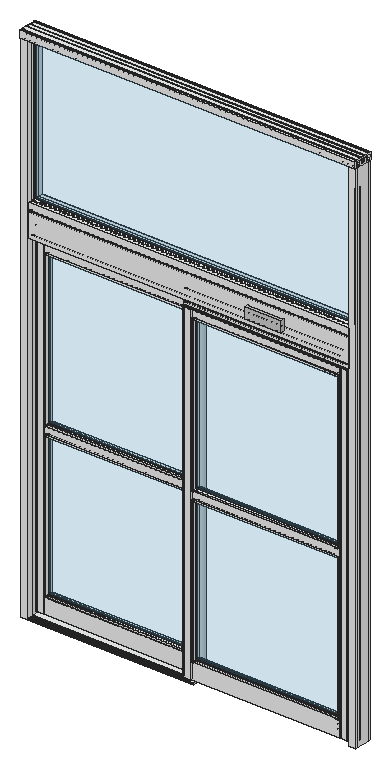
Revit family "2-6-5_Sliding-Door_TX9300SL_Single-RH-Inside-Slide-w-transom-SX-SO_Tormax", category Doors, host Wall, Revit 2026 (continued)
Definition of nested family "Door-Sliding-Tormax-Panel-SO"
  Automatic sketch dimensions
    Sweep 7 sketch curve to Sweep 7 sketch curve = 0' - 0.04991"  (x2)
    Sweep 7 sketch curve to Sweep 7 sketch curve = 0' - 0.01286"  (x2)
    Sweep 7 sketch curve to Sweep 7 sketch curve = 0' - 0.06296"  (x2)
    Sweep 7 sketch curve to Sweep 7 sketch curve = 0' - 0.09922"  (x2)
    Sweep 7 sketch curve to Sweep 7 sketch curve = 0' - 0.08367"  (x2)
    Extrusion 8 sketch curve to plane 7 = 0' - 0"
    plane 6 to Extrusion 8 sketch curve = 0' - 0"
    plane 12 to Extrusion 8 sketch curve = 0' - 0.29207"
    plane 13 to Extrusion 8 sketch curve = 0' - 0.29207"
    Sweep 3 sketch curve to Sweep 3 sketch curve = 0' - 0.09725"
    Sweep 3 sketch curve to Sweep 3 sketch curve = 0' - 0.09783"  (x2)
    Sweep 3 sketch curve to Sweep 3 sketch curve = 0' - 0.05875"
    Sweep 3 sketch curve to Sweep 3 sketch curve = 0' - 0 1/8"
    Sweep 3 sketch curve to Sweep 3 sketch curve = 0' - 0.05648"
    Sweep 3 sketch curve to Sweep 3 sketch curve = 0' - 0"  (x5)
    Sweep 3 sketch curve to Sweep 3 sketch curve = 0' - 0.05615"
    Sweep 3 sketch curve to Sweep 3 sketch curve = 0' - 0.14517"  (x2)
    Sweep 3 sketch curve to Sweep 3 sketch curve = 0' - 0.11943"  (x2)
    curve 1 to plane 9 "Exterior" = 0' - 0"
    Sweep 2 sketch curve to plane 1 "Center (Front/Back)" = 0' - 0.77099"  (x2)
    Sweep 2 sketch curve to Sweep 2 sketch curve = 0' - 0.1095"  (x4)
    plane 1 "Center (Front/Back)" to Sweep 2 sketch curve = 0' - 0.77099"  (x2)
    Sweep 2 sketch curve to Sweep 2 sketch curve = 0' - 0.0465"  (x3)
    Sweep 2 sketch curve to Sweep 2 sketch curve = 0' - 0.15"
    Sweep 2 sketch curve to Sweep 2 sketch curve = 0' - 0.213"  (x2)
    Sweep 2 sketch curve to Sweep 2 sketch curve = 0' - 0.25131"  (x2)
    Sweep 2 sketch curve to Sweep 2 sketch curve = 0' - 0.44928"  (x2)
    Sweep 2 sketch curve to Sweep 2 sketch curve = 0' - 0.24941"
    Sweep 2 sketch curve to Sweep 2 sketch curve = 0' - 0 1/8"  (x4)
    plane 1 "Center (Front/Back)" to Sweep 2 sketch curve = 0' - 0.70777"
    plane 1 "Center (Front/Back)" to Sweep 2 sketch curve = 0' - 0.8749"
    Sweep 2 sketch curve to Sweep 2 sketch curve = 0' - 0.10643"  (x4)
    plane 1 "Center (Front/Back)" to Sweep 2 sketch curve = 0' - 0.77066"  (x2)
    Sweep 2 sketch curve to Sweep 2 sketch curve = 0' - 0.04951"
    Sweep 2 sketch curve to Sweep 2 sketch curve = 0' - 0.12461"
    Sweep 2 sketch curve to Sweep 2 sketch curve = 0' - 0.24666"  (x2)
    Sweep 2 sketch curve to Sweep 2 sketch curve = 0' - 0.45154"  (x2)
    Sweep 2 sketch curve to Sweep 2 sketch curve = 0' - 0.25159"  (x2)
    Sweep 2 sketch curve to Sweep 2 sketch curve = 0' - 0.13262"  (x2)
    Sweep 2 sketch curve to Sweep 2 sketch curve = 0' - 0.25063"  (x3)
    Sweep 2 sketch curve to Sweep 2 sketch curve = 0' - 0.44876"  (x2)
    Sweep 2 sketch curve to Sweep 2 sketch curve = 0' - 0.46757"
    Sweep 2 sketch curve to Sweep 2 sketch curve = 0' - 0.28811"
    Sweep 2 sketch curve to Sweep 2 sketch curve = 0' - 0.03633"
    Sweep 2 sketch curve to plane 1 "Center (Front/Back)" = 0' - 0.77066"
    Sweep 2 sketch curve to Sweep 2 sketch curve = 0' - 0.04797"
    Sweep 2 sketch curve to Sweep 2 sketch curve = 0' - 0.12615"
    Sweep 2 sketch curve to Sweep 2 sketch curve = 0' - 0.31245"  (x2)
    Sweep 2 sketch curve to Sweep 2 sketch curve = 0' - 0.325"  (x2)
    Sweep 2 sketch curve to Sweep 2 sketch curve = 0' - 0.31234"
    Sweep 2 sketch curve to Sweep 2 sketch curve = 0' - 0.31233"
    Sweep 2 sketch curve to plane 1 "Center (Front/Back)" = 0' - 0.8749"  (x2)
    Sweep 2 sketch curve to Sweep 2 sketch curve = 0' - 0.10401"  (x2)
    Sweep 2 sketch curve to Sweep 2 sketch curve = 0' - 0.10425"  (x2)
    Sweep 2 sketch curve to plane 1 "Center (Front/Back)" = 0' - 0.76481"
    Sweep 2 sketch curve to Sweep 2 sketch curve = 0' - 0.01099"
    Sweep 2 sketch curve to Sweep 2 sketch curve = 0' - 0"  (x2)
    Sweep 2 sketch curve to plane 1 "Center (Front/Back)" = 0' - 0.75305"
    Sweep 2 sketch curve to Sweep 2 sketch curve = 0' - 0.00306"
    Sweep 2 sketch curve to Sweep 2 sketch curve = 0' - 0.015"
    Sweep 2 sketch curve to Sweep 2 sketch curve = 0' - 0.031"  (x6)
    Sweep 2 sketch curve to Sweep 2 sketch curve = 0' - 0.05166"  (x2)
    Sweep 2 sketch curve to Sweep 2 sketch curve = 0' - 0.03386"  (x2)
    Sweep 2 sketch curve to Sweep 2 sketch curve = 0' - 0.05146"  (x2)
    Sweep 2 sketch curve to Sweep 2 sketch curve = 0' - 0.00039"
    Sweep 2 sketch curve to Sweep 2 sketch curve = 0' - 0.06145"  (x4)
    Sweep 2 sketch curve to Sweep 2 sketch curve = 0' - 0.06322"  (x3)
    Sweep 2 sketch curve to Sweep 2 sketch curve = 0' - 0.239"
    Sweep 2 sketch curve to Sweep 2 sketch curve = 0' - 0.21"  (x2)
    Sweep 2 sketch curve to Sweep 2 sketch curve = 0' - 0.344"  (x2)
    Sweep 2 sketch curve to Sweep 2 sketch curve = 0' - 0.1"
    plane 1 "Center (Front/Back)" to Sweep 2 sketch curve = 0' - 0 3/8"
    Sweep 2 sketch curve to Sweep 2 sketch curve = 0' - 0.25199"
    plane 1 "Center (Front/Back)" to Sweep 2 sketch curve = 0' - 0.5938"
    Sweep 2 sketch curve to Sweep 2 sketch curve = 0' - 0 3/8"
    Sweep 2 sketch curve to Sweep 2 sketch curve = 0' - 0.12539"
    Sweep 2 sketch curve to Sweep 2 sketch curve = 0' - 0.04199"
    Sweep 2 sketch curve to Sweep 2 sketch curve = 0' - 0.03119"
    Sweep 2 sketch curve to Sweep 2 sketch curve = 0' - 0.03141"
    Sweep 6 sketch curve to plane 1 "Center (Front/Back)" = 0' - 0.13997"  (x2)
    Sweep 6 sketch curve to plane 20 = 0' - 0.512"
    Sweep 6 sketch curve to Sweep 6 sketch curve = 0' - 0"  (x13)
    Sweep 6 sketch curve to Sweep 6 sketch curve = 0' - 0.01301"  (x4)
    Sweep 6 sketch curve to Sweep 6 sketch curve = 0' - 0.04548"
    Sweep 6 sketch curve to Sweep 6 sketch curve = 0' - 0.06431"  (x4)
    Sweep 6 sketch curve to Sweep 6 sketch curve = 0' - 0.05436"
    Sweep 6 sketch curve to Sweep 6 sketch curve = 0' - 0.05"  (x20)
    Sweep 6 sketch curve to Sweep 6 sketch curve = 0' - 0.13079"  (x4)
    Sweep 6 sketch curve to Sweep 6 sketch curve = 0' - 0.1438"  (x4)
    Sweep 6 sketch curve to Sweep 6 sketch curve = 0' - 0.03378"
    Sweep 6 sketch curve to Sweep 6 sketch curve = 0' - 0.05017"  (x4)
    Sweep 6 sketch curve to Sweep 6 sketch curve = 0' - 0.09251"
    Sweep 6 sketch curve to Sweep 6 sketch curve = 0' - 0.06616"  (x4)
    Sweep 6 sketch curve to Sweep 6 sketch curve = 0' - 0.08665"  (x4)
    Sweep 6 sketch curve to Sweep 6 sketch curve = 0' - 0.04414"  (x2)
    Sweep 6 sketch curve to Sweep 6 sketch curve = 0' - 0.0682"  (x4)
    Sweep 6 sketch curve to Sweep 6 sketch curve = 0' - 0.06234"  (x3)
    Sweep 6 sketch curve to Sweep 6 sketch curve = 0' - 0.09942"  (x8)
    Sweep 6 sketch curve to plane 20 = 0' - 0.04966"  (x2)
    plane 20 to Sweep 6 sketch curve = 0' - 0.00209"  (x2)
    Sweep 6 sketch curve to Sweep 6 sketch curve = 0' - 0.03487"  (x7)
    plane 20 to Sweep 6 sketch curve = 0' - 0.03487"
    plane 20 to Sweep 6 sketch curve = 0' - 0.074"  (x2)
    Sweep 6 sketch curve to Sweep 6 sketch curve = 0' - 0.02199"  (x10)
    Sweep 6 sketch curve to plane 1 "Center (Front/Back)" = 0' - 0.09459"  (x4)
    profile plane to Sweep 6 sketch curve = 0' - 1.47079"
    plane 1 "Center (Front/Back)" to Sweep 6 sketch curve = 0' - 0.09459"  (x3)
    Sweep 6 sketch curve to plane 1 "Center (Front/Back)" = 0' - 0.07259"  (x3)
    plane 1 "Center (Front/Back)" to Sweep 6 sketch curve = 0' - 0.07259"  (x4)
    Sweep 6 sketch curve to Sweep 6 sketch curve = 0' - 0.06113"  (x4)
    Sweep 6 sketch curve to Sweep 6 sketch curve = 0' - 0.0719"  (x6)
    Sweep 6 sketch curve to Sweep 6 sketch curve = 0' - 0.04966"  (x6)
    Sweep 6 sketch curve to Sweep 6 sketch curve = 0' - 0.20772"  (x4)
    Sweep 6 sketch curve to Sweep 6 sketch curve = 0' - 0.00586"  (x3)
    Sweep 6 sketch curve to Sweep 6 sketch curve = 0' - 0.03026"  (x2)
    Sweep 6 sketch curve to Sweep 6 sketch curve = 0' - 0.14248"  (x2)
    Sweep 6 sketch curve to Sweep 6 sketch curve = 0' - 0.10006"  (x2)
    Sweep 6 sketch curve to Sweep 6 sketch curve = 0' - 0.04373"  (x3)
    Sweep 6 sketch curve to Sweep 6 sketch curve = 0' - 0.05599"  (x2)
    Sweep 6 sketch curve to profile plane = 0' - 0.719"
    Sweep 6 sketch curve to Sweep 6 sketch curve = 0' - 0.00628"
    Sweep 6 sketch curve to Sweep 6 sketch curve = 0' - 0.09169"
    Sweep 6 sketch curve to Sweep 6 sketch curve = 0' - 0.0339"
    Sweep 6 sketch curve to Sweep 6 sketch curve = 0' - 0.12404"  (x4)
    Sweep 6 sketch curve to Sweep 6 sketch curve = 0' - 0.11234"
    Sweep 6 sketch curve to Sweep 6 sketch curve = 0' - 0.35009"
    Sweep 6 sketch curve to Sweep 6 sketch curve = 0' - 0.15807"
    Sweep 6 sketch curve to Sweep 6 sketch curve = 0' - 0.00209"  (x2)
    Sweep 6 sketch curve to plane 1 "Center (Front/Back)" = 0' - 0.20955"  (x3)
    Sweep 6 sketch curve to Sweep 6 sketch curve = 3' - 1.80842"
    plane 1 "Center (Front/Back)" to Sweep 6 sketch curve = 0' - 0.58206"
    plane 1 "Center (Front/Back)" to Sweep 6 sketch curve = 0' - 0.49166"
    Sweep 6 sketch curve to Sweep 6 sketch curve = 0' - 0.13361"
    Sweep 6 sketch curve to Sweep 6 sketch curve = 0' - 0.11496"
    Sweep 6 sketch curve to plane 1 "Center (Front/Back)" = 0' - 0.25955"  (x2)
    Sweep 6 sketch curve to Sweep 6 sketch curve = 0' - 0.11958"  (x2)
    Sweep 6 sketch curve to Sweep 6 sketch curve = 0' - 0.14365"  (x4)
    Sweep 6 sketch curve to Sweep 6 sketch curve = 0' - 0.25378"  (x4)
    Sweep 6 sketch curve to Sweep 6 sketch curve = 0' - 0.11812"  (x2)
    Sweep 6 sketch curve to Sweep 6 sketch curve = 0' - 0.4219"  (x2)
    Sweep 6 sketch curve to Sweep 6 sketch curve = 0' - 0.04971"  (x8)
    Sweep 6 sketch curve to Sweep 6 sketch curve = 0' - 0.05012"  (x7)
    Sweep 6 sketch curve to Sweep 6 sketch curve = 0' - 0.06945"  (x2)
    Sweep 6 sketch curve to Sweep 6 sketch curve = 0' - 0.06958"  (x2)
    Sweep 6 sketch curve to Sweep 6 sketch curve = 0' - 0.08472"  (x11)
    plane 1 "Center (Front/Back)" to Sweep 6 sketch curve = 0' - 0.12483"  (x4)
    plane 1 "Center (Front/Back)" to Sweep 6 sketch curve = 0' - 0.13997"  (x4)
    Sweep 6 sketch curve to Sweep 6 sketch curve = 0' - 0.02777"  (x2)
    Sweep 6 sketch curve to Sweep 6 sketch curve = 0' - 0.04722"  (x2)
    Sweep 6 sketch curve to Sweep 6 sketch curve = 0' - 0.04144"  (x4)
    Sweep 6 sketch curve to Sweep 6 sketch curve = 0' - 0.19365"  (x2)
    Sweep 6 sketch curve to Sweep 6 sketch curve = 0' - 0.07336"  (x2)
    Sweep 6 sketch curve to Sweep 6 sketch curve = 0' - 0.08651"
    Sweep 6 sketch curve to Sweep 6 sketch curve = 0' - 0.08847"  (x2)
    Sweep 6 sketch curve to Sweep 6 sketch curve = 0' - 0.09235"
    Sweep 6 sketch curve to Sweep 6 sketch curve = 0' - 0.0904"  (x2)
    Sweep 6 sketch curve to Sweep 6 sketch curve = 0' - 0.12599"
    Sweep 6 sketch curve to Sweep 6 sketch curve = 0' - 0.04991"  (x4)
    Sweep 6 sketch curve to Sweep 6 sketch curve = 0' - 0.01286"  (x3)
    Sweep 6 sketch curve to Sweep 6 sketch curve = 0' - 0.01318"
    Sweep 6 sketch curve to Sweep 6 sketch curve = 0' - 0.06296"  (x3)
    Sweep 6 sketch curve to Sweep 6 sketch curve = 0' - 0.06264"
    Sweep 6 sketch curve to Sweep 6 sketch curve = 0' - 0.09922"  (x4)
    Sweep 6 sketch curve to Sweep 6 sketch curve = 0' - 0.08367"  (x4)
    Sweep 2 sketch curve to plane 1 "Center (Front/Back)" = 0' - 0 3/4"
    Sweep 2 sketch curve to Sweep 2 sketch curve = 0' - 0.57201"
    Sweep 1 sketch curve to Sweep 1 sketch curve = 0' - 0"  (x9)
    plane 1 "Center (Front/Back)" to Sweep 1 sketch curve = 0' - 0"
    Sweep 1 sketch curve to Sweep 1 sketch curve = 0' - 0.83845"
    Sweep 1 sketch curve to plane 1 "Center (Front/Back)" = 0' - 0.70835"
    Sweep 1 sketch curve to Sweep 1 sketch curve = 0' - 0.09725"
    Sweep 1 sketch curve to Sweep 1 sketch curve = 0' - 0.09783"
    Sweep 1 sketch curve to Sweep 1 sketch curve = 0' - 0.05875"
    Sweep 1 sketch curve to Sweep 1 sketch curve = 0' - 0 1/8"
    profile plane to Sweep 1 sketch curve = 0' - 0.33616"
    profile plane to Sweep 1 sketch curve = 0' - 0.33606"
    Sweep 1 sketch curve to Sweep 1 sketch curve = 0' - 0.05805"
    Sweep 1 sketch curve to Sweep 1 sketch curve = 0' - 0.05815"
    profile plane to Sweep 1 sketch curve = 0' - 0.25342"  (x2)
    Sweep 1 sketch curve to Sweep 1 sketch curve = 0' - 0.00312"
    Sweep 1 sketch curve to Sweep 1 sketch curve = 0' - 0.07719"  (x2)
    Sweep 1 sketch curve to Sweep 1 sketch curve = 0' - 0.06839"  (x2)
    Sweep 1 sketch curve to Sweep 1 sketch curve = 0' - 0.01995"  (x2)
    Sweep 1 sketch curve to Sweep 1 sketch curve = 0' - 0.03503"  (x2)
    Sweep 1 sketch curve to Sweep 1 sketch curve = 0' - 0.05764"  (x2)
    Sweep 1 sketch curve to Sweep 1 sketch curve = 0' - 0.05533"  (x2)
    Sweep 1 sketch curve to Sweep 1 sketch curve = 0' - 0.07528"  (x2)
    Sweep 1 sketch curve to Sweep 1 sketch curve = 0' - 0.07175"  (x2)
    profile plane to Sweep 1 sketch curve = 0' - 0.05562"  (x2)
    Sweep 1 sketch curve to Sweep 1 sketch curve = 0' - 0.05648"  (x2)
    Sweep 1 sketch curve to Sweep 1 sketch curve = 0' - 0.01193"
    Sweep 1 sketch curve to Sweep 1 sketch curve = 0' - 0.02003"  (x2)
    Sweep 1 sketch curve to Sweep 1 sketch curve = 0' - 0.07597"
    Sweep 1 sketch curve to Sweep 1 sketch curve = 0' - 0.01512"
    Sweep 1 sketch curve to plane 1 "Center (Front/Back)" = 0' - 0.18239"
    plane 1 "Center (Front/Back)" to Sweep 1 sketch curve = 0' - 0.18239"
    Sweep 1 sketch curve to Sweep 1 sketch curve = 0' - 0.19693"
    Sweep 1 sketch curve to Sweep 1 sketch curve = 0' - 0.07617"
    Sweep 1 sketch curve to Sweep 1 sketch curve = 0' - 0.01817"
    Sweep 1 sketch curve to Sweep 1 sketch curve = 0' - 0.05615"
    plane 1 "Center (Front/Back)" to Sweep 3 sketch curve = 0' - 0"
    Sweep 3 sketch curve to Sweep 3 sketch curve = 0' - 0.00033"
    Sweep 3 sketch curve to profile plane = 0' - 0.14318"
    Sweep 3 sketch curve to profile plane = 0' - 0.13087"
    Sweep 3 sketch curve to Sweep 3 sketch curve = 0' - 0.0869"
    Sweep 3 sketch curve to Sweep 3 sketch curve = 0' - 0.08681"
    plane 1 "Center (Front/Back)" to Sweep 3 sketch curve = 0' - 0.18239"
Definition of nested family "Door-Sliding-Tormax-Panel-SX_2.6"
  Parameters (values of type "Door-Sliding-Tormax-Panel-SX")
    Width = 3' - 5 7/16"
    Thickness = 0' - 1.82"  # constant formula
    Height = 7' - 1"
    Handle Material = none
    Glass = none
    Frame Material = none
    Door Swing = Width - 0' 1.047"  # 3' - 4.3905"
    Define Thermal Properties by = 1
    Default Elevation = 0' - 0"
    Analytic Construction = "<None>"
  Reference planes (in)
    plane 1 "Center (Front/Back)": y = 0
    plane 2: z = 0
    plane 3 "Center (Left/Right)": x = 0
    plane 4: z = 85
    plane 5: z = 42
    plane 6: y = 0.12483
    plane 7: y = -0.12517
    plane 8 "EXTERIOR": y = -0.91
    plane 9 "INTERIOR": y = 0.91
    plane 10: x = -20.71875
    plane 11: x = 20.71875
    plane 12: x = -18.59375
    plane 13: x = 18.59375
    plane 14: z = 42.875
    plane 15: z = 41.125
    plane 16: z = 81.8749
    plane 17: z = 4.5
    plane 18: z = 0.5
    plane 19: x = -19.67175
    plane 20: z = 83.6249
  Forms (in)
    Sweep 1, solid, material <- "Frame Material"
      path origin (0, 0, 0) x (1, 0, 0) y (0, 0, 1)
        loop
          line (-20.71875, 0.5) -> (-20.71875, 83.6249)
      profile origin (-20.71875, 0, 42.06245) x (-1, 0, 0) y (0, -1, 0)
        loop
          line (-0.25, -0.18701) -> (-0.25, 0.18701) -> (-0.13107, 0.18701)
          arc (-0.13107, 0.18701) -> (-0.16494, 0.47848) -> (-0.22824, 0.765) r 2.88588
          line (-0.22824, 0.765) -> (-1.844, 0.765) -> (-1.844, -0.765) -> (-0.22824, -0.765)
          arc (-0.22824, -0.765) -> (-0.16494, -0.47848) -> (-0.13107, -0.18701) r 2.88588
          line (-0.13107, -0.18701) -> (-0.25, -0.18701)
        loop
          arc (-0.14081, -0.91) -> (0, 0) -> (-0.14081, 0.91) r 3.01088
          line (-0.14081, 0.91) -> (-2.125, 0.91) -> (-2.125, 0.70839) -> (-2.00861, 0.77559) -> (-1.969, 0.77559) -> (-1.969, -0.77559) -> (-2.00861, -0.77559) -> (-2.125, -0.70839) -> (-2.125, -0.91) -> (-0.14081, -0.91)
    Sweep 2, solid, material <- "Frame Material"
      path origin (0, 0, 0) x (1, 0, 0) y (0, 0, 1)
        loop
          line (-18.59375, 0) -> (18.59375, 0)
      profile origin (0, 0, 0) x (0, 0, 1) y (0, -1, 0)
        loop
          line (4.5, 0.8749) -> (0.5, 0.8749) -> (0.5, 0.76481) -> (1.26983, 0.76481) -> (1.26983, 0.5258) -> (0.69782, 0.5258) -> (0.69782, 0.4258) -> (1.30628, 0.4258) -> (1.59475, 0.75022) -> (2.06202, 0.75022) -> (2.06202, -0.74981) -> (0.5, -0.74981) -> (0.5, -0.8749) -> (4.5, -0.8749) -> (4.5, -0.70921) -> (4.39357, -0.77066) -> (4.3456, -0.77066) -> (4.3456, 0.77066) -> (4.39357, 0.77066) -> (4.5, 0.70921) -> (4.5, 0.8749)
        loop
          line (4.21945, -0.71919) -> (4.21945, 0.71919) -> (3.97279, 0.71919) -> (3.97279, 0.75305) -> (3.52125, 0.75305) -> (3.52125, 0.71919) -> (3.26966, 0.71919) -> (3.26966, 0.5938) -> (3.13704, 0.5938) -> (3.13704, 0.7188) -> (2.88641, 0.7188) -> (2.88641, 0.74999) -> (2.43765, 0.74999) -> (2.43765, 0.7188) -> (2.18703, 0.7188) -> (2.18703, -0.7188) -> (2.43765, -0.7188) -> (2.43765, -0.74999) -> (2.88641, -0.74999) -> (2.88641, -0.7188) -> (3.13704, -0.7188) -> (3.13704, -0.5938) -> (3.26966, -0.5938) -> (3.26966, -0.71919) -> (3.52125, -0.71919) -> (3.52125, -0.75305) -> (3.97279, -0.75305) -> (3.97279, -0.71919) -> (4.21945, -0.71919)
        loop
          line (42.875, -0.875) -> (42.875, -0.70777) -> (42.7655, -0.77099) -> (42.719, -0.77099) -> (42.719, 0.77099) -> (42.7655, 0.77099) -> (42.875, 0.70777) -> (42.875, 0.875) -> (41.125, 0.875) -> (41.125, 0.70777) -> (41.2345, 0.77099) -> (41.281, 0.77099) -> (41.281, -0.77099) -> (41.2345, -0.77099) -> (41.125, -0.70777) -> (41.125, -0.875) -> (42.875, -0.875)
        loop
          line (41.65541, -0.729) -> (41.65541, -0.76) -> (42.10469, -0.76) -> (42.10469, -0.729) -> (42.356, -0.729) -> (42.356, -0.519) -> (42.569, -0.519) -> (42.569, 0.519) -> (42.356, 0.519) -> (42.356, 0.729) -> (42.10469, 0.729) -> (42.10469, 0.76) -> (41.65541, 0.76) -> (41.65541, 0.729) -> (41.406, 0.729) -> (41.406, -0.729) -> (41.65541, -0.729)
        loop
          line (81.8749, 0.8749) -> (81.8749, 0.70921) -> (81.98133, 0.77066) -> (82.02931, 0.77066) -> (82.02931, -0.77066) -> (81.98133, -0.77066) -> (81.8749, -0.70921) -> (81.8749, -0.8749) -> (83.6249, -0.8749) -> (83.6249, -0.70756) -> (83.51421, -0.77147) -> (83.4689, -0.77147) -> (83.4689, 0.77147) -> (83.51493, 0.77147) -> (83.6249, 0.70798) -> (83.6249, 0.8749) -> (81.8749, 0.8749)
        loop
          line (82.15546, -0.72879) -> (82.40602, -0.72879) -> (82.40602, -0.75979) -> (82.85561, -0.75979) -> (82.85561, -0.72879) -> (83.10525, -0.72879) -> (83.10525, -0.51879) -> (83.3189, -0.51879) -> (83.3189, 0.51879) -> (83.10525, 0.51879) -> (83.10525, 0.72879) -> (82.85561, 0.72879) -> (82.85561, 0.75979) -> (82.40602, 0.75979) -> (82.40602, 0.72879) -> (82.15546, 0.72879) -> (82.15546, -0.72879)
    Sweep 3, solid, material <- "Frame Material"
      path origin (0, 0, 0) x (1, 0, 0) y (0, 0, 1)
        loop
          line (20.71875, 0.5) -> (20.71875, 83.6249)
      profile origin (20.71875, 0, 42.06245) x (-1, 0, 0) y (0, -1, 0)
        loop
          line (2.125, -0.91) -> (2.125, -0.70835) -> (2.02717, -0.76483) -> (1.969, -0.76483) -> (1.969, 0.76483) -> (2.02775, 0.76483) -> (2.125, 0.70869) -> (2.125, 0.91) -> (0.14318, 0.91)
          arc (0.14318, 0.91) -> (0.12559, 0.85357) -> (0.10913, 0.79679) r 2.96345
          line (0.10913, 0.79679) -> (0.18087, 0.77676) -> (0.20082, 0.85943) -> (0.27801, 0.84081) -> (0.18503, 0.45549) -> (0.10975, 0.47365) -> (0.1297, 0.55632) -> (0.05562, 0.57144)
          arc (0.05562, 0.57144) -> (0, 0) -> (0.05562, -0.57144) r 2.96345
          line (0.05562, -0.57144) -> (0.1297, -0.55632) -> (0.10975, -0.47365) -> (0.18503, -0.45549) -> (0.27801, -0.84081) -> (0.20082, -0.85943) -> (0.18087, -0.77676) -> (0.10913, -0.79679)
          arc (0.10913, -0.79679) -> (0.12559, -0.85357) -> (0.14318, -0.91) r 2.96345
          line (0.14318, -0.91) -> (2.125, -0.91)
        loop
          line (1.844, -0.76483) -> (1.844, 0.76517) -> (0.33616, 0.76517)
          arc (0.33616, 0.76517) -> (0.28782, 0.57373) -> (0.25342, 0.37931) r 2.73645
          line (0.25342, 0.37931) -> (0.15, 0.37931) -> (0.15, 0.18239) -> (0.25029, 0.18239) -> (0.25029, -0.18239) -> (0.15, -0.18239) -> (0.15, -0.37931) -> (0.25342, -0.37931)
          arc (0.25342, -0.37931) -> (0.28778, -0.57356) -> (0.33606, -0.76483) r 2.73645
          line (0.33606, -0.76483) -> (1.844, -0.76483)
    Sweep 4, solid, material <- "Frame Material"
      path origin (0, 0, 0) x (1, 0, 0) y (0, 0, 1)
        loop
          line (0, 4.5) -> (0, 41.125)
      profile origin (0, 0, 22.8125) x (-1, 0, 0) y (0, -1, 0)
        loop
          line (-18.59375, -0.87481) -> (-18.09395, -0.87481) -> (-18.09395, -0.20955) -> (-18.05909, -0.20955) -> (-17.99796, -0.09459) -> (-18.01995, -0.07259) -> (-18.09186, -0.12483) -> (-18.30168, -0.12483) -> (-18.30168, -0.20955) -> (-18.4693, -0.20955) -> (-18.4693, -0.13997) -> (-18.55595, -0.13997) -> (-18.55595, 0.13997) -> (-18.4693, 0.13997) -> (-18.4693, 0.20955) -> (-18.30168, 0.20955) -> (-18.30168, 0.12483) -> (-18.09186, 0.12483) -> (-18.01995, 0.07259) -> (-17.99796, 0.09459) -> (-18.05909, 0.20955) -> (-18.09395, 0.20955) -> (-18.09395, 0.87481) -> (-18.59375, 0.87481) -> (-18.59375, 0.66561) -> (-18.69347, 0.66561) -> (-18.69347, 0.76483) -> (-18.74347, 0.76483) -> (-18.74347, 0.6157) -> (-18.63748, 0.6157) -> (-18.51344, 0.49166) -> (-18.51344, 0.32983)
          arc (-18.51344, 0.32983) -> (-18.57886, 0.30274) -> (-18.60595, 0.23732) r 0.09251
          line (-18.60595, 0.23732) -> (-18.60595, 0.1901) -> (-18.74975, 0.1901) -> (-18.74975, 0.13997) -> (-18.60595, 0.13997) -> (-18.60595, -0.13997) -> (-18.74975, -0.13997) -> (-18.74975, -0.1901) -> (-18.61896, -0.1901) -> (-18.61896, -0.25955) -> (-18.40109, -0.25955) -> (-18.40109, -0.4032) -> (-18.14361, -0.4032) -> (-18.14361, -0.8251) -> (-18.54358, -0.8251) -> (-18.54358, -0.65698) -> (-18.65806, -0.65698) -> (-18.65806, -0.70698) -> (-18.59375, -0.70698) -> (-18.59375, -0.87481)
        loop
          line (-18.49369, 0.8251) -> (-18.49369, 0.74143) -> (-18.55985, 0.74143) -> (-18.55985, 0.67847) -> (-18.46344, 0.58206) -> (-18.46344, 0.25099) -> (-18.40109, 0.25099) -> (-18.40109, 0.4032) -> (-18.14361, 0.4032) -> (-18.14361, 0.8251) -> (-18.49369, 0.8251)
        loop
          line (18.59375, -0.87481) -> (18.59375, -0.70698) -> (18.65806, -0.70698) -> (18.65806, -0.65698) -> (18.54358, -0.65698) -> (18.54358, -0.8251) -> (18.14361, -0.8251) -> (18.14361, -0.4032) -> (18.40109, -0.4032) -> (18.40109, -0.25955) -> (18.61896, -0.25955) -> (18.61896, -0.1901) -> (18.74975, -0.1901) -> (18.74975, -0.13997) -> (18.60595, -0.13997) -> (18.60595, 0.13997) -> (18.74975, 0.13997) -> (18.74975, 0.1901) -> (18.60595, 0.1901) -> (18.60595, 0.23732)
          arc (18.60595, 0.23732) -> (18.57886, 0.30274) -> (18.51344, 0.32983) r 0.09251
          line (18.51344, 0.32983) -> (18.51344, 0.49166) -> (18.63748, 0.6157) -> (18.74347, 0.6157) -> (18.74347, 0.76483) -> (18.69347, 0.76483) -> (18.69347, 0.66561) -> (18.59375, 0.66561) -> (18.59375, 0.87481) -> (18.09395, 0.87481) -> (18.09395, 0.20955) -> (18.05909, 0.20955) -> (17.99796, 0.09459) -> (18.01995, 0.07259) -> (18.09186, 0.12483) -> (18.30168, 0.12483) -> (18.30168, 0.20955) -> (18.4693, 0.20955) -> (18.4693, 0.13997) -> (18.55595, 0.13997) -> (18.55595, -0.13997) -> (18.4693, -0.13997) -> (18.4693, -0.20955) -> (18.30168, -0.20955) -> (18.30168, -0.12483) -> (18.09186, -0.12483) -> (18.01995, -0.07259) -> (17.99796, -0.09459) -> (18.05909, -0.20955) -> (18.09395, -0.20955) -> (18.09395, -0.87481) -> (18.59375, -0.87481)
        loop
          line (18.49369, 0.8251) -> (18.14361, 0.8251) -> (18.14361, 0.4032) -> (18.40109, 0.4032) -> (18.40109, 0.25099) -> (18.46344, 0.25099) -> (18.46344, 0.58206) -> (18.55985, 0.67847) -> (18.55985, 0.74143) -> (18.49369, 0.74143) -> (18.49369, 0.8251)
    Extrusion 5, solid, material <- "Glass"
      sketch origin (0, 0, 0) x (1, 0, 0) y (0, 1, 0)
        loop
          line (-18.30168, 0.12483) -> (-18.30168, -0.12517) -> (18.30168, -0.12517) -> (18.30168, 0.12483) -> (-18.30168, 0.12483)
      from 4.79207 to 40.83293
    Sweep 6, solid, material <- "Frame Material"
      path origin (0, 0, 0) x (1, 0, 0) y (0, 0, 1)
        loop
          line (-18.09395, 42) -> (18.09395, 42)
      profile origin (0, 0, 42) x (0, 0, 1) y (0, -1, 0)
        loop
          line (-37.5, 0.87481) -> (-37.5, 0.70698) -> (-37.56431, 0.70698) -> (-37.56431, 0.65698) -> (-37.44983, 0.65698) -> (-37.44983, 0.8251) -> (-37.04986, 0.8251) -> (-37.04986, 0.4032) -> (-37.30734, 0.4032) -> (-37.30734, 0.25955) -> (-37.52521, 0.25955) -> (-37.52521, 0.1901) -> (-37.656, 0.1901) -> (-37.656, 0.13997) -> (-37.5122, 0.13997) -> (-37.5122, -0.13997) -> (-37.656, -0.13997) -> (-37.656, -0.1901) -> (-37.5122, -0.1901) -> (-37.5122, -0.23732)
          arc (-37.5122, -0.23732) -> (-37.48511, -0.30274) -> (-37.41969, -0.32983) r 0.09251
          line (-37.41969, -0.32983) -> (-37.41969, -0.49166) -> (-37.54373, -0.6157) -> (-37.64972, -0.6157) -> (-37.64972, -0.76483) -> (-37.59972, -0.76483) -> (-37.59972, -0.66561) -> (-37.5, -0.66561) -> (-37.5, -0.87481) -> (-37.0002, -0.87481) -> (-37.0002, -0.20955) -> (-36.96534, -0.20955) -> (-36.90421, -0.09459) -> (-36.9262, -0.07259) -> (-36.99811, -0.12483) -> (-37.20793, -0.12483) -> (-37.20793, -0.20955) -> (-37.37555, -0.20955) -> (-37.37555, -0.13997) -> (-37.4622, -0.13997) -> (-37.4622, 0.13997) -> (-37.37555, 0.13997) -> (-37.37555, 0.20955) -> (-37.20793, 0.20955) -> (-37.20793, 0.12483) -> (-36.99811, 0.12483) -> (-36.9262, 0.07259) -> (-36.90421, 0.09459) -> (-36.96534, 0.20955) -> (-37.0002, 0.20955) -> (-37.0002, 0.87481) -> (-37.5, 0.87481)
        loop
          line (-37.39994, -0.8251) -> (-37.04986, -0.8251) -> (-37.04986, -0.4032) -> (-37.30734, -0.4032) -> (-37.30734, -0.25099) -> (-37.36969, -0.25099) -> (-37.36969, -0.58206) -> (-37.4661, -0.67847) -> (-37.4661, -0.74143) -> (-37.39994, -0.74143) -> (-37.39994, -0.8251)
        loop
          line (-0.875, 0.87481) -> (-1.3748, 0.87481) -> (-1.3748, 0.20955) -> (-1.40966, 0.20955) -> (-1.47079, 0.09459) -> (-1.4488, 0.07259) -> (-1.37689, 0.12483) -> (-1.16707, 0.12483) -> (-1.16707, 0.20955) -> (-0.99945, 0.20955) -> (-0.99945, 0.13997) -> (-0.9128, 0.13997) -> (-0.9128, -0.13997) -> (-0.99945, -0.13997) -> (-0.99945, -0.20955) -> (-1.16707, -0.20955) -> (-1.16707, -0.12483) -> (-1.37689, -0.12483) -> (-1.4488, -0.07259) -> (-1.47079, -0.09459) -> (-1.40966, -0.20955) -> (-1.3748, -0.20955) -> (-1.3748, -0.87481) -> (-0.875, -0.87481) -> (-0.875, -0.66561) -> (-0.77528, -0.66561) -> (-0.77528, -0.76483) -> (-0.72528, -0.76483) -> (-0.72528, -0.6157) -> (-0.83127, -0.6157) -> (-0.95531, -0.49166) -> (-0.95531, -0.32983)
          arc (-0.95531, -0.32983) -> (-0.88989, -0.30274) -> (-0.8628, -0.23732) r 0.09251
          line (-0.8628, -0.23732) -> (-0.8628, -0.1901) -> (-0.719, -0.1901) -> (-0.719, -0.13997) -> (-0.8628, -0.13997) -> (-0.8628, 0.13997) -> (-0.719, 0.13997) -> (-0.719, 0.1901) -> (-0.84979, 0.1901) -> (-0.84979, 0.25955) -> (-1.06766, 0.25955) -> (-1.06766, 0.4032) -> (-1.32514, 0.4032) -> (-1.32514, 0.8251) -> (-0.92517, 0.8251) -> (-0.92517, 0.65698) -> (-0.81069, 0.65698) -> (-0.81069, 0.70698) -> (-0.875, 0.70698) -> (-0.875, 0.87481)
        loop
          line (-0.97506, -0.8251) -> (-0.97506, -0.74143) -> (-0.9089, -0.74143) -> (-0.9089, -0.67847) -> (-1.00531, -0.58206) -> (-1.00531, -0.25099) -> (-1.06766, -0.25099) -> (-1.06766, -0.4032) -> (-1.32514, -0.4032) -> (-1.32514, -0.8251) -> (-0.97506, -0.8251)
        loop
          line (0.875, 0.87481) -> (0.875, 0.70698) -> (0.81069, 0.70698) -> (0.81069, 0.65698) -> (0.92517, 0.65698) -> (0.92517, 0.8251) -> (1.32514, 0.8251) -> (1.32514, 0.4032) -> (1.06766, 0.4032) -> (1.06766, 0.25955) -> (0.84979, 0.25955) -> (0.84979, 0.1901) -> (0.719, 0.1901) -> (0.719, 0.13997) -> (0.8628, 0.13997) -> (0.8628, -0.13997) -> (0.719, -0.13997) -> (0.719, -0.1901) -> (0.8628, -0.1901) -> (0.8628, -0.23732)
          arc (0.8628, -0.23732) -> (0.88989, -0.30274) -> (0.95531, -0.32983) r 0.09251
          line (0.95531, -0.32983) -> (0.95531, -0.49166) -> (0.83127, -0.6157) -> (0.72528, -0.6157) -> (0.72528, -0.76483) -> (0.77528, -0.76483) -> (0.77528, -0.66561) -> (0.875, -0.66561) -> (0.875, -0.87481) -> (1.3748, -0.87481) -> (1.3748, -0.20955) -> (1.40966, -0.20955) -> (1.47079, -0.09459) -> (1.4488, -0.07259) -> (1.37689, -0.12483) -> (1.16707, -0.12483) -> (1.16707, -0.20955) -> (0.99945, -0.20955) -> (0.99945, -0.13997) -> (0.9128, -0.13997) -> (0.9128, 0.13997) -> (0.99945, 0.13997) -> (0.99945, 0.20955) -> (1.16707, 0.20955) -> (1.16707, 0.12483) -> (1.37689, 0.12483) -> (1.4488, 0.07259) -> (1.47079, 0.09459) -> (1.40966, 0.20955) -> (1.3748, 0.20955) -> (1.3748, 0.87481) -> (0.875, 0.87481)
        loop
          line (0.97506, -0.8251) -> (1.32514, -0.8251) -> (1.32514, -0.4032) -> (1.06766, -0.4032) -> (1.06766, -0.25099) -> (1.00531, -0.25099) -> (1.00531, -0.58206) -> (0.9089, -0.67847) -> (0.9089, -0.74143) -> (0.97506, -0.74143) -> (0.97506, -0.8251)
        loop
          line (39.8749, 0.87481) -> (39.3751, 0.87481) -> (39.3751, 0.20955) -> (39.34024, 0.20955) -> (39.27911, 0.09459) -> (39.30111, 0.07259) -> (39.37301, 0.12483) -> (39.58283, 0.12483) -> (39.58283, 0.20955) -> (39.75045, 0.20955) -> (39.75045, 0.13997) -> (39.83711, 0.13997) -> (39.83711, -0.13997) -> (39.75045, -0.13997) -> (39.75045, -0.20955) -> (39.58283, -0.20955) -> (39.58283, -0.12483) -> (39.37301, -0.12483) -> (39.30111, -0.07259) -> (39.27911, -0.09459) -> (39.34024, -0.20955) -> (39.3751, -0.20955) -> (39.3751, -0.87481) -> (39.8749, -0.87481) -> (39.8749, -0.66561) -> (39.97462, -0.66561) -> (39.97462, -0.76483) -> (40.02462, -0.76483) -> (40.02462, -0.6157) -> (39.91863, -0.6157) -> (39.79459, -0.49166) -> (39.79459, -0.32983)
          arc (39.79459, -0.32983) -> (39.86001, -0.30274) -> (39.88711, -0.23732) r 0.09251
          line (39.88711, -0.23732) -> (39.88711, -0.1901) -> (40.0309, -0.1901) -> (40.0309, -0.13997) -> (39.88711, -0.13997) -> (39.88711, 0.13997) -> (40.0309, 0.13997) -> (40.0309, 0.1901) -> (39.90011, 0.1901) -> (39.90011, 0.25955) -> (39.68225, 0.25955) -> (39.68225, 0.4032) -> (39.42476, 0.4032) -> (39.42476, 0.8251) -> (39.82473, 0.8251) -> (39.82473, 0.65698) -> (39.93921, 0.65698) -> (39.93921, 0.70698) -> (39.8749, 0.70698) -> (39.8749, 0.87481)
        loop
          line (39.77485, -0.8251) -> (39.77485, -0.74143) -> (39.84101, -0.74143) -> (39.84101, -0.67847) -> (39.74459, -0.58206) -> (39.74459, -0.25099) -> (39.68225, -0.25099) -> (39.68225, -0.4032) -> (39.42476, -0.4032) -> (39.42476, -0.8251) -> (39.77485, -0.8251)
    Sweep 7, solid, material <- "Frame Material"
      path origin (0, 0, 0) x (1, 0, 0) y (0, 0, 1)
        loop
          line (0, 42.875) -> (0, 81.8749)
      profile origin (0, 0, 62.37495) x (-1, 0, 0) y (0, -1, 0)
        loop
          line (-18.59375, -0.87481) -> (-18.09395, -0.87481) -> (-18.09395, -0.20955) -> (-18.05909, -0.20955) -> (-17.99796, -0.09459) -> (-18.01995, -0.07259) -> (-18.09186, -0.12483) -> (-18.30168, -0.12483) -> (-18.30168, -0.20955) -> (-18.4693, -0.20955) -> (-18.4693, -0.13997) -> (-18.55595, -0.13997) -> (-18.55595, 0.13997) -> (-18.4693, 0.13997) -> (-18.4693, 0.20955) -> (-18.30168, 0.20955) -> (-18.30168, 0.12483) -> (-18.09186, 0.12483) -> (-18.01995, 0.07259) -> (-17.99796, 0.09459) -> (-18.05909, 0.20955) -> (-18.09395, 0.20955) -> (-18.09395, 0.87481) -> (-18.59375, 0.87481) -> (-18.59375, 0.66561) -> (-18.69347, 0.66561) -> (-18.69347, 0.76483) -> (-18.74347, 0.76483) -> (-18.74347, 0.6157) -> (-18.63748, 0.6157) -> (-18.51344, 0.49166) -> (-18.51344, 0.32983)
          arc (-18.51344, 0.32983) -> (-18.57886, 0.30274) -> (-18.60595, 0.23732) r 0.09251
          line (-18.60595, 0.23732) -> (-18.60595, 0.1901) -> (-18.74975, 0.1901) -> (-18.74975, 0.13997) -> (-18.60595, 0.13997) -> (-18.60595, -0.13997) -> (-18.74975, -0.13997) -> (-18.74975, -0.1901) -> (-18.61896, -0.1901) -> (-18.61896, -0.25955) -> (-18.40109, -0.25955) -> (-18.40109, -0.4032) -> (-18.14361, -0.4032) -> (-18.14361, -0.8251) -> (-18.54358, -0.8251) -> (-18.54358, -0.65698) -> (-18.65806, -0.65698) -> (-18.65806, -0.70698) -> (-18.59375, -0.70698) -> (-18.59375, -0.87481)
        loop
          line (-18.49369, 0.8251) -> (-18.49369, 0.74143) -> (-18.55985, 0.74143) -> (-18.55985, 0.67847) -> (-18.46344, 0.58206) -> (-18.46344, 0.25099) -> (-18.40109, 0.25099) -> (-18.40109, 0.4032) -> (-18.14361, 0.4032) -> (-18.14361, 0.8251) -> (-18.49369, 0.8251)
        loop
          line (18.59375, -0.87481) -> (18.59375, -0.70698) -> (18.65806, -0.70698) -> (18.65806, -0.65698) -> (18.54358, -0.65698) -> (18.54358, -0.8251) -> (18.14361, -0.8251) -> (18.14361, -0.4032) -> (18.40109, -0.4032) -> (18.40109, -0.25955) -> (18.61896, -0.25955) -> (18.61896, -0.1901) -> (18.74975, -0.1901) -> (18.74975, -0.13997) -> (18.60595, -0.13997) -> (18.60595, 0.13997) -> (18.74975, 0.13997) -> (18.74975, 0.1901) -> (18.60595, 0.1901) -> (18.60595, 0.23732)
          arc (18.60595, 0.23732) -> (18.57886, 0.30274) -> (18.51344, 0.32983) r 0.09251
          line (18.51344, 0.32983) -> (18.51344, 0.49166) -> (18.63748, 0.6157) -> (18.74347, 0.6157) -> (18.74347, 0.76483) -> (18.69347, 0.76483) -> (18.69347, 0.66561) -> (18.59375, 0.66561) -> (18.59375, 0.87481) -> (18.09395, 0.87481) -> (18.09395, 0.20955) -> (18.05909, 0.20955) -> (17.99796, 0.09459) -> (18.01995, 0.07259) -> (18.09186, 0.12483) -> (18.30168, 0.12483) -> (18.30168, 0.20955) -> (18.4693, 0.20955) -> (18.4693, 0.13997) -> (18.55595, 0.13997) -> (18.55595, -0.13997) -> (18.4693, -0.13997) -> (18.4693, -0.20955) -> (18.30168, -0.20955) -> (18.30168, -0.12483) -> (18.09186, -0.12483) -> (18.01995, -0.07259) -> (17.99796, -0.09459) -> (18.05909, -0.20955) -> (18.09395, -0.20955) -> (18.09395, -0.87481) -> (18.59375, -0.87481)
        loop
          line (18.49369, 0.8251) -> (18.14361, 0.8251) -> (18.14361, 0.4032) -> (18.40109, 0.4032) -> (18.40109, 0.25099) -> (18.46344, 0.25099) -> (18.46344, 0.58206) -> (18.55985, 0.67847) -> (18.55985, 0.74143) -> (18.49369, 0.74143) -> (18.49369, 0.8251)
    Extrusion 8, solid, material <- "Glass"
      sketch origin (0, 0, 0) x (1, 0, 0) y (0, 1, 0)
        loop
          line (-18.30168, 0.12483) -> (-18.30168, -0.12517) -> (18.30168, -0.12517) -> (18.30168, 0.12483) -> (-18.30168, 0.12483)
      from 43.16707 to 81.58283
    Sweep 9, solid, material <- "Frame Material"
      path origin (0, 0, 0) x (1, 0, 0) y (0, 0, 1)
        loop
          line (-20.71875, 85) -> (20.71875, 85)
      profile origin (0, 0, 85) x (0, 0, 1) y (0, -1, 0)
        loop
          line (-1.08701, -0.859) -> (-1.08701, -0.63529) -> (-1.21201, -0.68471) -> (-1.21201, -0.49529) -> (-1.09278, -0.54243)
          arc (-1.09278, -0.54243) -> (-1.03855, -0.41755) -> (-1.02001, -0.28267) r 0.5
          line (-1.02001, -0.28267) -> (-1.02001, 0.253)
          arc (-1.02001, 0.253) -> (-0.94504, 0.328) -> (-0.87001, 0.25306) r 0.075
          line (-0.87001, 0.25306) -> (-0.87001, 0.01297)
          arc (-0.87001, 0.01297) -> (-0.86062, -0.08351) -> (-0.83278, -0.17636) r 0.5
          arc (-0.83278, -0.17636) -> (-0.80501, -0.195) -> (-0.77725, -0.17636) r 0.03
          arc (-0.77725, -0.17636) -> (-0.76152, -0.13208) -> (-0.75001, -0.08652) r 0.5
          line (-0.75001, -0.08652) -> (-0.75001, 0.859) -> (-1.3751, 0.859) -> (-1.3751, -0.859) -> (-1.08701, -0.859)
    Extrusion 10, solid
      sketch origin (0, 0, 0) x (1, 0, 0) y (0, 1, 0)
        loop
          circle (-19.67175, 0) r 0.69
      from 0 to 0.5
  Lines and regions (in)
    symbolic lines
      curve 1: line (-20.71875, 0, 42) -> (20.71875, 0, 83.6249)
      curve 2: line (-20.71875, 0, 42) -> (20.71875, 0, 0.5)
      curve 3: line (-19.67175, -0.91, 0) -> (-19.67175, -41.3005, 0)
      curve 4: arc (-19.67175, -41.3005, 0) -> (8.88865, -29.4704, 0) -> (20.71875, -0.91, 0) r 40.3905
  Dimensions and locks (in)
    "Height": plane 4 to level
    equal spacing: plane 10, plane 3 "Center (Left/Right)", plane 11
    "Width": plane 10 to plane 11
    "Thickness": plane 9 "INTERIOR" to plane 8 "EXTERIOR"
    equal spacing: plane 9 "INTERIOR", plane 1 "Center (Front/Back)", plane 8 "EXTERIOR"
    locked: plane 10 to plane 12 at 2.125
    locked: plane 13 to plane 11 at 2.125
    locked: plane 5 to level at 42
    plane 14 to plane 5 to plane 15 = 0' - 0 7/8" locked, 0' - 0 7/8" locked
    plane 10 to Sweep 1 sketch curve to Sweep 1 sketch curve = 0' - 2 1/8" locked, 0' - 0" locked
    plane 17 to plane 18 = 0' - 4"
    locked: Sweep 4 sketch curve to plane 13 at 0.4998  (x2)
    plane 12 to Sweep 4 sketch curve to Sweep 4 sketch curve = 0' - 0.4998" locked, 0' - 0" locked
    plane 7 to plane 1 "Center (Front/Back)" to plane 6 = 0' - 0.12517" locked, 0' - 0.12483" locked
    locked: Extrusion 5 sketch curve to plane 13 at 0.29207
    locked: plane 12 to Extrusion 5 sketch curve at 0.29207
    locked: Sweep 6 sketch curve to plane 13 at 0.4998
    locked: Sweep 6 sketch curve to plane 12 at 0.4998
    locked: Sweep 6 sketch curve to plane 17 at 0.4998  (x2)
    Sweep 6 sketch curve to Sweep 6 sketch curve to plane 15 = 0' - 0" locked, 0' - 0.4998" locked
    Sweep 6 sketch curve to Sweep 6 sketch curve to plane 14 = 0' - 0" locked, 0' - 0.4998" locked
    Sweep 6 sketch curve to Sweep 6 sketch curve to plane 16 = 0' - 0" locked, 0' - 0.4998" locked
    locked: plane 17 to Extrusion 5 at 0.29207
    locked: Extrusion 5 to plane 15 at 0.29207
    locked: Extrusion 8 to plane 14 at 0.29207
    locked: Extrusion 8 to plane 16 at 0.29207
    locked: plane 12 to Sweep 7 sketch curve at 0.4998  (x2)
    Sweep 7 sketch curve to Sweep 7 sketch curve to plane 13 = 0' - 0" locked, 0' - 0.4998" locked
    locked: plane 16 to plane 4 at 3.1251
    plane 16 to Sweep 2 sketch curve to Sweep 2 sketch curve = 0' - 1.444" locked, 0' - 0.15" locked
    locked: plane 18 to plane 2 at 0.5
    locked: plane 10 to plane 19 at 1.047
    locked: plane 4 to plane 20 at 1.3751
    locked: plane 20 to Sweep 9 sketch curve at 0.62508
    "Door Swing": radius of curve 4
    aligned and locked: plane 2 to level
    aligned and locked: Sweep 1 sketch curve to plane 10
    aligned and locked: Sweep 1 sketch curve to plane 9 "INTERIOR"
    aligned and locked: Sweep 1 sketch curve to plane 8 "EXTERIOR"
    aligned and locked: plane 12 to Sweep 2 sketch curve
    aligned and locked: plane 13 to Sweep 2 sketch curve
    aligned and locked: Sweep 2 sketch curve to plane 2
    aligned and locked: plane 14 to Sweep 2 sketch curve
    aligned and locked: Sweep 2 sketch curve to plane 14
    aligned and locked: plane 11 to Sweep 3 sketch curve
    aligned and locked: plane 13 to Sweep 3 sketch curve
    aligned and locked: plane 3 "Center (Left/Right)" to Sweep 4 sketch curve
    aligned and locked: plane 15 to Sweep 4 sketch curve
    aligned and locked: plane 17 to Sweep 4 sketch curve
    aligned and locked: Sweep 4 sketch curve to plane 13
    aligned and locked: plane 13 to Sweep 4 sketch curve
    aligned and locked: plane 12 to Sweep 4 sketch curve
    aligned and locked: Sweep 4 sketch curve to plane 12
    aligned and locked: plane 6 to Extrusion 5 sketch curve
    aligned and locked: plane 7 to Extrusion 5 sketch curve
    aligned and locked: Sweep 6 sketch curve to plane 5
    aligned and locked: plane 17 to Sweep 6 sketch curve
    aligned and locked: Sweep 6 sketch curve to plane 17
    aligned and locked: plane 15 to Sweep 6 sketch curve
    aligned and locked: Sweep 6 sketch curve to plane 15
    aligned and locked: Sweep 6 sketch curve to plane 14
    aligned and locked: plane 14 to Sweep 6 sketch curve
    aligned and locked: Sweep 6 sketch curve to plane 16
    aligned and locked: plane 16 to Sweep 6 sketch curve
    aligned and locked: plane 16 to Sweep 7 sketch curve
    aligned and locked: plane 14 to Sweep 7 sketch curve
    aligned and locked: plane 12 to Sweep 7 sketch curve
    aligned and locked: Sweep 7 sketch curve to plane 12
    aligned and locked: Sweep 7 sketch curve to plane 13
    aligned and locked: plane 13 to Sweep 7 sketch curve
    aligned and locked: plane 10 to Sweep 9 sketch curve
    aligned and locked: plane 11 to Sweep 9 sketch curve
    aligned and locked: Sweep 9 sketch curve to plane 4
    aligned and locked: Sweep 2 sketch curve to plane 16  (x2)
    aligned and locked: plane 5 to curve 2
    aligned and locked: plane 10 to curve 1
    aligned and locked: plane 17 to Sweep 2 sketch curve  (x2)
    aligned and locked: Sweep 2 sketch curve to plane 18  (x2)
    aligned and locked: plane 18 to Sweep 1 sketch curve
    aligned and locked: plane 18 to Sweep 3 sketch curve
    aligned and locked: plane 18 to curve 2
    aligned and locked: plane 11 to curve 2
    aligned and locked: plane 1 "Center (Front/Back)" to Extrusion 10 sketch curve
    aligned and locked: curve 3 to plane 19
    aligned and locked: plane 8 "EXTERIOR" to curve 4  (x2)
    aligned and locked: plane 19 to curve 4
    aligned and locked: Sweep 1 to Extrusion 10
    aligned and locked: plane 20 to Sweep 1 sketch curve
    aligned and locked: plane 20 to curve 1
    aligned and locked: plane 20 to Sweep 3 sketch curve
    aligned and locked: Sweep 9 sketch curve to plane 20
  Automatic sketch dimensions
    Sweep 4 sketch curve to Sweep 4 sketch curve = 0' - 0.0122"
    Sweep 4 sketch curve to plane 1 "Center (Front/Back)" = 0' - 0.13997"
    Sweep 4 sketch curve to Sweep 4 sketch curve = 0' - 0"  (x5)
    Sweep 4 sketch curve to Sweep 4 sketch curve = 0' - 0.01301"  (x2)
    plane 1 "Center (Front/Back)" to Sweep 4 sketch curve = 0' - 0.6157"
    Sweep 4 sketch curve to Sweep 4 sketch curve = 0' - 0.04373"  (x2)
    Sweep 4 sketch curve to Sweep 4 sketch curve = 0' - 0.06431"  (x2)
    Sweep 4 sketch curve to Sweep 4 sketch curve = 0' - 0.05599"
    Sweep 4 sketch curve to Sweep 4 sketch curve = 0' - 0.05"  (x8)
    Sweep 4 sketch curve to Sweep 4 sketch curve = 0' - 0.13079"  (x2)
    Sweep 4 sketch curve to Sweep 4 sketch curve = 0' - 0.1438"  (x2)
    Sweep 4 sketch curve to Sweep 4 sketch curve = 0' - 0.0339"  (x2)
    Sweep 4 sketch curve to Sweep 4 sketch curve = 0' - 0.05017"  (x2)
    plane 1 "Center (Front/Back)" to Sweep 4 sketch curve = 0' - 0.49166"
    Sweep 4 sketch curve to Sweep 4 sketch curve = 0' - 0.12404"  (x2)
    Sweep 4 sketch curve to Sweep 4 sketch curve = 0' - 0.06616"  (x2)
    Sweep 4 sketch curve to Sweep 4 sketch curve = 0' - 0.08665"  (x3)
    Sweep 4 sketch curve to Sweep 4 sketch curve = 0' - 0.00586"  (x2)
    Sweep 4 sketch curve to Sweep 4 sketch curve = 0' - 0.0682"  (x2)
    Sweep 4 sketch curve to Sweep 4 sketch curve = 0' - 0.11234"
    Sweep 4 sketch curve to Sweep 4 sketch curve = 0' - 0.09942"  (x4)
    Sweep 4 sketch curve to Sweep 4 sketch curve = 0' - 0.04966"  (x4)
    Sweep 4 sketch curve to plane 1 "Center (Front/Back)" = 0' - 0.12483"
    Sweep 4 sketch curve to Sweep 4 sketch curve = 0' - 0.00209"  (x2)
    Sweep 4 sketch curve to Sweep 4 sketch curve = 0' - 0.03487"  (x4)
    plane 1 "Center (Front/Back)" to Sweep 4 sketch curve = 0' - 0.20955"  (x2)
    plane 1 "Center (Front/Back)" to Sweep 4 sketch curve = 0' - 0.07259"  (x2)
    Sweep 4 sketch curve to Sweep 4 sketch curve = 0' - 0.0719"  (x4)
    Sweep 4 sketch curve to plane 1 "Center (Front/Back)" = 0' - 0.07259"  (x2)
    Sweep 4 sketch curve to plane 1 "Center (Front/Back)" = 0' - 0.09459"  (x2)
    Sweep 4 sketch curve to Sweep 4 sketch curve = 0' - 0.02199"  (x4)
    plane 1 "Center (Front/Back)" to Sweep 4 sketch curve = 0' - 0.09459"  (x2)
    Sweep 4 sketch curve to Sweep 4 sketch curve = 0' - 0.06113"
    Sweep 4 sketch curve to plane 1 "Center (Front/Back)" = 0' - 0.20955"
    plane 1 "Center (Front/Back)" to Sweep 4 sketch curve = 0' - 0.12483"
    Sweep 4 sketch curve to Sweep 4 sketch curve = 0' - 0.06234"
    Sweep 4 sketch curve to Sweep 4 sketch curve = 0' - 0.03026"
    Sweep 4 sketch curve to Sweep 4 sketch curve = 0' - 0.14248"
    Sweep 4 sketch curve to Sweep 4 sketch curve = 0' - 0.09251"
    Sweep 4 sketch curve to Sweep 4 sketch curve = 0' - 0.13361"
    Sweep 4 sketch curve to plane 1 "Center (Front/Back)" = 0' - 0.25955"
    Sweep 4 sketch curve to Sweep 4 sketch curve = 0' - 0.11958"
    Sweep 4 sketch curve to Sweep 4 sketch curve = 0' - 0.14365"
    Sweep 4 sketch curve to Sweep 4 sketch curve = 0' - 0.19365"  (x3)
    Sweep 4 sketch curve to Sweep 4 sketch curve = 0' - 0.25378"  (x2)
    Sweep 4 sketch curve to Sweep 4 sketch curve = 0' - 0.4219"  (x2)
    Sweep 4 sketch curve to Sweep 4 sketch curve = 0' - 0.04971"  (x4)
    Sweep 4 sketch curve to Sweep 4 sketch curve = 0' - 0.08472"  (x5)
    Sweep 4 sketch curve to Sweep 4 sketch curve = 0' - 0.05012"  (x4)
    Sweep 4 sketch curve to Sweep 4 sketch curve = 0' - 0.06945"
    Sweep 4 sketch curve to Sweep 4 sketch curve = 0' - 0.06958"  (x2)
    plane 1 "Center (Front/Back)" to Sweep 4 sketch curve = 0' - 0.13997"  (x2)
    Sweep 4 sketch curve to Sweep 4 sketch curve = 0' - 0.04722"
    Sweep 4 sketch curve to Sweep 4 sketch curve = 0' - 0.02777"
    Sweep 4 sketch curve to Sweep 4 sketch curve = 0' - 0.04144"  (x2)
    Sweep 4 sketch curve to Sweep 4 sketch curve = 0' - 0.08847"
    Sweep 4 sketch curve to Sweep 4 sketch curve = 0' - 0.0904"  (x2)
    Sweep 4 sketch curve to Sweep 4 sketch curve = 0' - 0.04991"  (x2)
    Sweep 4 sketch curve to Sweep 4 sketch curve = 0' - 0.01286"  (x2)
    Sweep 4 sketch curve to Sweep 4 sketch curve = 0' - 0.06296"  (x2)
    Sweep 4 sketch curve to Sweep 4 sketch curve = 0' - 0.09922"  (x2)
    Sweep 4 sketch curve to Sweep 4 sketch curve = 0' - 0.08367"  (x2)
    Sweep 7 sketch curve to plane 3 "Center (Left/Right)" = 0' - 0"
    plane 1 "Center (Front/Back)" to Sweep 7 sketch curve = 0' - 0.1901"
    Sweep 7 sketch curve to Sweep 7 sketch curve = 0' - 0"  (x6)
    Sweep 7 sketch curve to Sweep 7 sketch curve = 0' - 0.00628"
    Sweep 7 sketch curve to Sweep 7 sketch curve = 0' - 0.05"  (x8)
    Sweep 7 sketch curve to Sweep 7 sketch curve = 0' - 0.05599"
    Sweep 7 sketch curve to Sweep 7 sketch curve = 0' - 0.13079"  (x2)
    Sweep 7 sketch curve to Sweep 7 sketch curve = 0' - 0.1438"  (x2)
    Sweep 7 sketch curve to Sweep 7 sketch curve = 0' - 0.06431"  (x2)
    Sweep 7 sketch curve to Sweep 7 sketch curve = 0' - 0.04373"  (x2)
    Sweep 7 sketch curve to Sweep 7 sketch curve = 0' - 0.0339"  (x2)
    Sweep 7 sketch curve to Sweep 7 sketch curve = 0' - 0.05017"  (x2)
    plane 1 "Center (Front/Back)" to Sweep 7 sketch curve = 0' - 0.49166"
    Sweep 7 sketch curve to Sweep 7 sketch curve = 0' - 0.12404"  (x3)
    Sweep 7 sketch curve to Sweep 7 sketch curve = 0' - 0.06616"  (x2)
    Sweep 7 sketch curve to Sweep 7 sketch curve = 0' - 0.08665"  (x3)
    Sweep 7 sketch curve to Sweep 7 sketch curve = 0' - 0.00586"  (x2)
    Sweep 7 sketch curve to Sweep 7 sketch curve = 0' - 0.0682"  (x2)
    Sweep 7 sketch curve to Sweep 7 sketch curve = 0' - 0.11234"
    Sweep 7 sketch curve to Sweep 7 sketch curve = 0' - 0.09942"  (x4)
    Sweep 7 sketch curve to Sweep 7 sketch curve = 0' - 0.04966"  (x4)
    Sweep 7 sketch curve to plane 1 "Center (Front/Back)" = 0' - 0.12483"
    Sweep 7 sketch curve to Sweep 7 sketch curve = 0' - 0.00209"  (x2)
    Sweep 7 sketch curve to Sweep 7 sketch curve = 0' - 0.03487"  (x4)
    plane 1 "Center (Front/Back)" to Sweep 7 sketch curve = 0' - 0.20955"  (x2)
    plane 1 "Center (Front/Back)" to Sweep 7 sketch curve = 0' - 0.07259"  (x2)
    Sweep 7 sketch curve to Sweep 7 sketch curve = 0' - 0.0719"  (x4)
    Sweep 7 sketch curve to plane 1 "Center (Front/Back)" = 0' - 0.07259"  (x2)
    Sweep 7 sketch curve to plane 1 "Center (Front/Back)" = 0' - 0.09459"  (x2)
    Sweep 7 sketch curve to Sweep 7 sketch curve = 0' - 0.02199"  (x4)
    plane 1 "Center (Front/Back)" to Sweep 7 sketch curve = 0' - 0.09459"  (x2)
    Sweep 7 sketch curve to plane 1 "Center (Front/Back)" = 0' - 0.20955"
    Sweep 7 sketch curve to Sweep 7 sketch curve = 0' - 0.06113"
    plane 1 "Center (Front/Back)" to Sweep 7 sketch curve = 0' - 0.12483"
    Sweep 7 sketch curve to Sweep 7 sketch curve = 0' - 0.06234"
    Sweep 7 sketch curve to Sweep 7 sketch curve = 0' - 0.03026"
    Sweep 7 sketch curve to Sweep 7 sketch curve = 0' - 0.14248"
    Sweep 7 sketch curve to Sweep 7 sketch curve = 0' - 0.09251"
    Sweep 7 sketch curve to Sweep 7 sketch curve = 0' - 0.01301"
    Sweep 7 sketch curve to Sweep 7 sketch curve = 0' - 0.13361"
    Sweep 7 sketch curve to plane 1 "Center (Front/Back)" = 0' - 0.25955"  (x2)
    Sweep 7 sketch curve to Sweep 7 sketch curve = 0' - 0.14365"
    Sweep 7 sketch curve to Sweep 7 sketch curve = 0' - 0.19365"  (x3)
    Sweep 7 sketch curve to Sweep 7 sketch curve = 0' - 0.25378"  (x2)
    Sweep 7 sketch curve to Sweep 7 sketch curve = 0' - 0.4219"  (x2)
    Sweep 7 sketch curve to Sweep 7 sketch curve = 0' - 0.04971"  (x4)
    Sweep 7 sketch curve to Sweep 7 sketch curve = 0' - 0.08472"  (x5)
    Sweep 7 sketch curve to Sweep 7 sketch curve = 0' - 0.06945"  (x2)
    Sweep 7 sketch curve to Sweep 7 sketch curve = 0' - 0.05012"  (x4)
    Sweep 7 sketch curve to Sweep 7 sketch curve = 0' - 0.06958"  (x2)
    plane 1 "Center (Front/Back)" to Sweep 7 sketch curve = 0' - 0.13997"
    Sweep 7 sketch curve to Sweep 7 sketch curve = 0' - 0.04722"
    Sweep 7 sketch curve to Sweep 7 sketch curve = 0' - 0.02777"
    Sweep 7 sketch curve to Sweep 7 sketch curve = 0' - 0.04144"  (x2)
    Sweep 7 sketch curve to Sweep 7 sketch curve = 0' - 0.08847"
    Sweep 7 sketch curve to Sweep 7 sketch curve = 0' - 0.0904"  (x2)
    Sweep 7 sketch curve to Sweep 7 sketch curve = 0' - 0.04991"  (x2)
    Sweep 7 sketch curve to Sweep 7 sketch curve = 0' - 0.01286"  (x2)
    Sweep 7 sketch curve to Sweep 7 sketch curve = 0' - 0.06296"  (x2)
    Sweep 7 sketch curve to Sweep 7 sketch curve = 0' - 0.09922"  (x2)
    Sweep 7 sketch curve to Sweep 7 sketch curve = 0' - 0.08367"  (x2)
    Extrusion 8 sketch curve to plane 7 = 0' - 0"
    plane 6 to Extrusion 8 sketch curve = 0' - 0"
    plane 12 to Extrusion 8 sketch curve = 0' - 0.29207"
    plane 13 to Extrusion 8 sketch curve = 0' - 0.29207"
    Sweep 3 sketch curve to Sweep 3 sketch curve = 0' - 0"  (x9)
    plane 1 "Center (Front/Back)" to Sweep 3 sketch curve = 0' - 0"
    Sweep 3 sketch curve to Sweep 3 sketch curve = 0' - 0.09725"
    Sweep 3 sketch curve to Sweep 3 sketch curve = 0' - 0.09783"  (x2)
    Sweep 3 sketch curve to Sweep 3 sketch curve = 0' - 0.05875"
    Sweep 3 sketch curve to Sweep 3 sketch curve = 0' - 0 1/8"
    Sweep 3 sketch curve to profile plane = 0' - 0.33606"
    Sweep 3 sketch curve to Sweep 3 sketch curve = 0' - 0.05805"
    Sweep 3 sketch curve to profile plane = 0' - 0.25342"
    Sweep 3 sketch curve to Sweep 3 sketch curve = 0' - 0.00312"
    Sweep 3 sketch curve to Sweep 3 sketch curve = 0' - 0.07719"  (x2)
    Sweep 3 sketch curve to Sweep 3 sketch curve = 0' - 0.06839"
    Sweep 3 sketch curve to Sweep 3 sketch curve = 0' - 0.01995"  (x2)
    Sweep 3 sketch curve to Sweep 3 sketch curve = 0' - 0.03503"  (x2)
    Sweep 3 sketch curve to Sweep 3 sketch curve = 0' - 0.05764"  (x2)
    Sweep 3 sketch curve to Sweep 3 sketch curve = 0' - 0.05533"
    Sweep 3 sketch curve to Sweep 3 sketch curve = 0' - 0.07528"  (x2)
    Sweep 3 sketch curve to Sweep 3 sketch curve = 0' - 0.07175"  (x2)
    Sweep 3 sketch curve to profile plane = 0' - 0.05562"  (x2)
    Sweep 3 sketch curve to plane 1 "Center (Front/Back)" = 0' - 0.18239"
    Sweep 3 sketch curve to Sweep 3 sketch curve = 0' - 0.19693"  (x2)
    Sweep 3 sketch curve to Sweep 3 sketch curve = 0' - 0.07617"  (x2)
    Sweep 3 sketch curve to Sweep 3 sketch curve = 0' - 0.01817"  (x2)
    Sweep 3 sketch curve to Sweep 3 sketch curve = 0' - 0.01512"
    Sweep 3 sketch curve to Sweep 3 sketch curve = 0' - 0.05648"
    Sweep 3 sketch curve to Sweep 3 sketch curve = 0' - 0.02003"  (x2)
    plane 1 "Center (Front/Back)" to Sweep 3 sketch curve = 0' - 0.18239"
    Sweep 3 sketch curve to Sweep 3 sketch curve = 0' - 0.05615"
    Sweep 3 sketch curve to Sweep 3 sketch curve = 0' - 0.07564"
    Sweep 3 sketch curve to Sweep 3 sketch curve = 0' - 0.14517"
    Sweep 3 sketch curve to Sweep 3 sketch curve = 0' - 0.05815"
    Sweep 3 sketch curve to Sweep 3 sketch curve = 0' - 0.10029"
    Sweep 3 sketch curve to profile plane = 0' - 0.10913"
    Sweep 3 sketch curve to profile plane = 0' - 0.10975"
    Sweep 3 sketch curve to Sweep 3 sketch curve = 0' - 0.07408"
